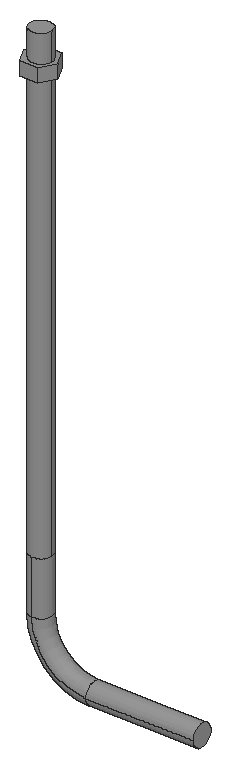
Revit family "Anchor Bolt", category Generic Models, Revit 2018
Family settings
  Can host rebar = No
  Round Connector Dimension = Use Diameter
  Part Type = Normal
  Work Plane-Based = Yes
  Always vertical = No
  Cut with Voids When Loaded = No
  Shared = No
  Room Calculation Point = No
Parameters (values of type "#10")
  Side = Head Size * 0.57812  # 0' - 0.1626"
  Radius = Diameter / 2  # 0' - 0.09961"
  Length = 0' - 4"
  Head Size = 0' - 0 9/32"
  Head Radius = Head Size / 2  # 0' - 0 9/64"
  Head Height = 0' - 0 1/8"
  Diameter = 0' - 0 51/256"
  Default Elevation = 4' - 0"
  Bolt Material (Size) = 5/8" GALV. ANCHOR BOLT @ 24" O.C. (6" MIN. EMBEDMENT)
Types (8): name | Side | Radius | Length | Head Size | Head Radius | Head Height | Diameter | Bolt Material (Size)
  3/4" | 0' - 0.65039" | 0' - 0 3/8" | 0' - 4" | 0' - 1 1/8" | 0' - 0 9/16" | 0' - 0 1/2" | 0' - 0 3/4" | 5/8" GALV. ANCHOR BOLT @ 24" O.C. (6" MIN. EMBEDMENT)
  1/2" | 0' - 0 111/256" | 0' - 0 1/4" | 0' - 8" | 0' - 0 3/4" | 0' - 0 3/8" | 0' - 0 1/2" | 0' - 0 1/2" | 1/2" ANCHOR BOLTS (7" MIN. EMBED) AT 72" MIN O.C. SPACING (18" MAX. FROM CORNERS)
  3/8" | 0' - 0.3252" | 0' - 0 3/16" | 0' - 4" | 0' - 0 9/16" | 0' - 0 9/32" | 0' - 0 1/4" | 0' - 0 3/8" | 3/8" X GALV LAG BOLT (HOLE 15/32")
  5/8" | 0' - 0.54199" | 0' - 0 5/16" | 0' - 10 1/2" | 0' - 0 15/16" | 0' - 0 15/32" | 0' - 0 27/64" | 0' - 0 5/8" | 5/8" GALV. ANCHOR BOLT @ 24" O.C. (6" MIN. EMBEDMENT)
  7/8" | 0' - 0.75879" | 0' - 0 7/16" | 0' - 4" | 0' - 1 5/16" | 0' - 0 21/32" | 0' - 0 37/64" | 0' - 0 7/8" | 5/8" GALV. ANCHOR BOLT @ 24" O.C. (6" MIN. EMBEDMENT)
  1" | 0' - 0 111/128" | 0' - 0 1/2" | 0' - 4" | 0' - 1 1/2" | 0' - 0 3/4" | 0' - 0 43/64" | 0' - 1" | 5/8" GALV. ANCHOR BOLT @ 24" O.C. (6" MIN. EMBEDMENT)
  1/4" | 0' - 0.25293" | 0' - 0 1/8" | 0' - 4" | 0' - 0 7/16" | 0' - 0 7/32" | 0' - 0 11/64" | 0' - 0 1/4" | 5/8" GALV. ANCHOR BOLT @ 24" O.C. (6" MIN. EMBEDMENT)
  #10 | 0' - 0.1626" | 0' - 0.09961" | 0' - 4" | 0' - 0 9/32" | 0' - 0 9/64" | 0' - 0 1/8" | 0' - 0 51/256" | 5/8" GALV. ANCHOR BOLT @ 24" O.C. (6" MIN. EMBEDMENT)
Reference planes (in)
  plane 1 "Center (Front/Back)": y = 0
  plane 2: z = 0
  plane 3 "Center (Left/Right)": x = 0
  plane 4: z = 0.125
  plane 5: z = -4
  plane 6: y = 0
  plane 7: x = 0
  plane 8: z = 0.375
Forms (in)
  Extrusion 1, solid, material "5/8" GALV. ANCHOR BOLT @ 24" O.C. (6" MIN. EMBEDMENT)" <- "Bolt Material (Size)"
    sketch origin (0, 0, 0) x (1, 0, 0) y (0, 1, 0)
      loop
        line (-0.08119, 0.14062) -> (-0.16238, 0) -> (-0.08119, -0.14063) -> (0.08119, -0.14063) -> (0.16238, 0) -> (0.08119, 0.14062) -> (-0.08119, 0.14062)
    from 0 to 0.125
  Extrusion 2, solid, material "5/8" GALV. ANCHOR BOLT @ 24" O.C. (6" MIN. EMBEDMENT)" <- "Bolt Material (Size)"
    sketch origin (0, 0, 0) x (1, 0, 0) y (0, 1, 0)
      loop
        circle (0, 0) r 0.09961
    from -4 to 0.375
  Sweep 3, solid, material "5/8" GALV. ANCHOR BOLT @ 24" O.C. (6" MIN. EMBEDMENT)" <- "Bolt Material (Size)"
    path origin (0, 0, 0) x (1, 0, 0) y (0, 0, 1)
      loop
        line (0, -4) -> (0, -4.5)
        arc (0, -4.5) -> (0.14645, -4.85355) -> (0.5, -5) r 0.5
        line (0.5, -5) -> (1.5, -5)
    profile origin (0, 0, -4.25) x (0, -1, 0) y (1, 0, 0)
      loop
        circle (0, 0) r 0.09961
Cuts and joins
  joined: Extrusion 2, Sweep 3
Lines and regions (in)
  model lines, style "InvisibleLines"
    curve 1: line (0, -0.14063, 0.125) -> (0, 0.14062, 0.125)
    curve 2: line (0.16238, 0, 0.125) -> (-0.16238, 0, 0.125)
Dimensions and locks (in)
  "Head Height": plane 4 to level
  "Length": level to plane 5
  "Head Radius": Extrusion 1 sketch curve to plane 3 "Center (Left/Right)"
  "Head Radius": Extrusion 1 sketch curve to plane 7
  "Head Radius": Extrusion 1 sketch curve to plane 6  (x4)
  plane 8 to plane 4 = 0' - 0 1/4"
  locked: plane 5 to Sweep 3 sketch curve at 1
  "Radius": radius of Extrusion 2 sketch curve
  "Radius": radius of Sweep 3 sketch curve
  locked: Extrusion 1 sketch curve to Extrusion 1 sketch curve (angle 120.00°)  (x5)
  aligned and locked: level to plane 2
  aligned and locked: Extrusion 1 to plane 4
  aligned and locked: Extrusion 2 to plane 5
  aligned and locked: plane 7 to curve 1
  aligned and locked: plane 6 to curve 2
  aligned and locked: plane 8 to Extrusion 2
Automatic sketch dimensions
  curve 2 to Extrusion 1 = 0' - 0"
  curve 1 to Extrusion 1 = 0' - 0"
  Extrusion 1 to curve 1 = 0' - 0"
  Extrusion 1 to curve 2 = 0' - 0"
  plane 3 "Center (Left/Right)" to Sweep 3 sketch curve = 0' - 0"
  Sweep 3 sketch curve to plane 5 = 0' - 0"
  Sweep 3 sketch curve to plane 5 = 0' - 0 1/2"
  Sweep 3 sketch curve to Sweep 3 sketch curve = 0' - 1"
  plane 1 "Center (Front/Back)" to Extrusion 2 sketch curve = 0' - 0"
  Extrusion 2 sketch curve to plane 3 "Center (Left/Right)" = 0' - 0"
  plane 1 "Center (Front/Back)" to Sweep 3 sketch curve = 0' - 0"
  Sweep 3 sketch curve to profile plane = 0' - 0"
